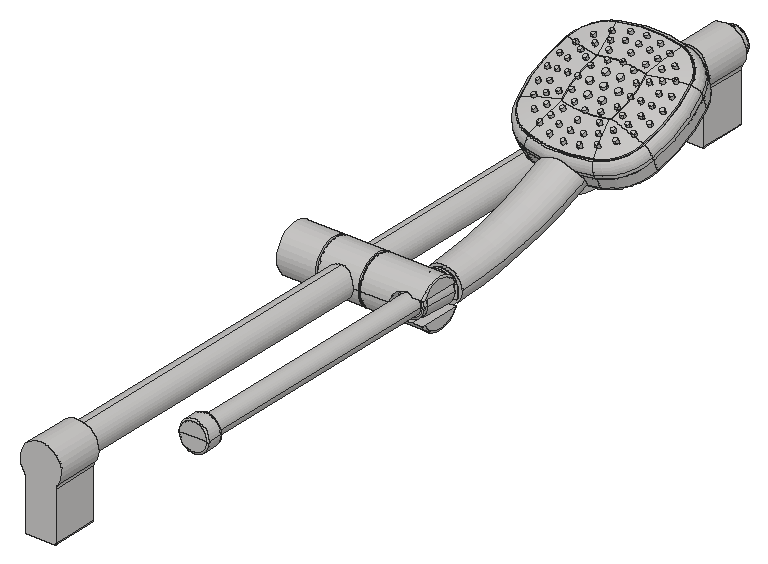
Revit family "Grohe_ShowerSet_27579003", category Plumbing Fixtures, host Face, Revit 2020
Family settings
  Host = Face
  Round Connector Dimension = Use Diameter
  Part Type = Normal
  OmniClass Number = 23.45.05.00
  OmniClass Title = Sanitary Equipment
  Cut with Voids When Loaded = No
  Shared = No
  Room Calculation Point = No
Parameters (values of type "Shower Set (27579003)")
  _ObjectUserGuide = "https://www.bimstore.co/products/grohe-27579003/document/object-user-guide"
  _DistributedBy = "https://www.bimstore.co/"
  _CurrentRevision = 1
  _CreatedBy = "https://www.bimstore.co/"
  _BimSpecGuid = 0
  _BSBibleVersion = 17
  _AuthorizedBy = "bimstore"
  _Author = "RL 168"
  WarrantyStartDate [instance] = "Please Record on Commissioning"
  WarrantyGuarantorParts = "info-uk@grohe.com"
  WarrantyGuarantorLabor = "info-uk@grohe.com"
  WarrantyDurationUnit = "Years"
  WarrantyDurationParts = "0"
  WarrantyDurationLabor = "0"
  WarrantyDescription = "n/a"
  URL = "https://www.grohe.co.uk/en_gb/-27579003.html"
  TypeName = "Shower Set"
  Type Comments = "Shower Set"
  TPIDocumentLink = "https://cdn.cloud.grohe.com/tpi/2000/2200/2200/2208/2208139/original/2208139.pdf"
  SustainabilityReport = "green.grohe.com/reporting"
  SustainabilityAward = "green.grohe.com/awards"
  SpareParts = "info-uk@grohe.com"
  Size = "n/a"
  Shape = "n/a"
  SerialNumber [instance] = "Please Record on Commissioning"
  ReplacementCost = "n/a"
  ReferencedStandard = "n/a"
  ProductionYear = "2138"
  ProductType = "Shower Set"
  ProductShortText = "n/a"
  ProductNumber = "27579003"
  ProductDescription = "n/a"
  PrimaryMaterial = Grohe_Chrome
  PQDiagramLink = "n/a"
  NominalLength = 0 mm
  NominalHeight = 0 mm
  NominalDepth = 0 mm
  NBSReference = "45-35-70/330"
  NBSOfficeMasterTag = "n/a"
  NBSObjectName = "Grohe - Shower fittings package"
  NBSNote = "n/a"
  NBSDescription = "Shower fittings package"
  ModelReference = "Shower Set"
  ModelNumber = "27579003"
  Model = "Shower Set"
  Material = "n/a"
  ManufacturerName = "Grohe"
  Manufacturer = "Grohe"
  Keynote = "N128"
  InstallationVideo = "n/a"
  InstallationDate [instance] = "Please Record on Commissioning"
  IfcExportType = "IfcPipeFittingType"
  IfcExportAs = "IfcPipeFitting"
  Grade = "n/a"
  GROHESustainability = "green.grohe.com"
  GROHESocialCommittment = "green.grohe.com/social_engagement"
  FullRecyclabilityOfPlastic = "All plastic components are fully recycable"
  Finish = "n/a"
  Features = "n/a"
  ExpectedLife = 0
  Ecojoy = no
  EF025094 = "0"
  EF025080 = "FALSE"
  EF024050 = "false"
  EF023686 = "not applicable"
  EF023440 = "false"
  EF022377 = "false"
  EF022224 = "true"
  EF022042 = "None"
  EF021042 = "false"
  EF021041 = "110"
  EF021040 = "2"
  EF021039 = "true"
  EF021038 = "5.00"
  EF015313 = "not applicable"
  EF002671 = "Chrome"
  EF002616 = "false"
  EF002169 = "Plastic"
  EF001707 = "70 °C"
  EF000653 = "true"
  DurationUnit = "Years"
  DocumentationTechnical = "https://www.bimstore.co/products/grohe-27579003/document/technical-data-sheet"
  DocumentationMaintenance = "https://www.bimstore.co/products/grohe-27579003/document/maintenance-information"
  DocumentationLiterature = "https://www.bimstore.co/products/grohe-27579003/document/product-literature"
  DocumentationInstallationGuide = "https://www.bimstore.co/products/grohe-27579003/document/installation-guide"
  DocumentationCertificates = "https://www.bimstore.co/products/grohe-27579003/document/product-certificates"
  DimensionsDocumentLink = "https://cdn.cloud.grohe.com/dimdraw/100000/100000/100000/100300/100320/100322/100322112/1280/100322112.jpg"
  Description = "Shower Set"
  Default Elevation = 0 mm
  CreatedOn = "2023-09-01T:09:00:00"
  CreatedBy = "info-uk@grohe.com"
  CradleToCradleCertification = "n/a"
  Cost = 0
  Constituents = "n/a"
  Color = "Chrome"
  CodePerformance = "n/a"
  ClassificationValue = "Pr_40_20_87_75"
  ClassificationName = "Uniclass2015"
  CO2NeutralProduction = "GROHE is one of the first leading manufacturer within the sanitary industry having a CO2-neutral production."
  BarCode [instance] = "Please Record on Commissioning"
  BIMObjectName = "Grohe_ShowerSet_27579003"
  AssetType = "Fixed"
  AssetIdentifier [instance] = "n/a"
  Assembly Code = "D2125"
  AccessibilityPerformance = "n/a"
Reference planes
  plane 1 "Center (Front/Back)": y = 0
  plane 2: z = 0
  plane 3 "Center (Left/Right)": x = 0
Forms (mm)
  Extrusion 1, solid, material "Grohe_Chrome" <- "PrimaryMaterial"
    sketch origin (0, 617.599, 0) x (1, 0, 0) y (0, 0, 1)
      loop
        arc (-11.7, 1) -> (-11.407, 0.293) -> (-10.7, 0) r 1
        line (-10.7, 0) -> (10.7, 0)
        arc (10.7, 0) -> (11.407, 0.293) -> (11.7, 1) r 1
        line (11.7, 1) -> (11.7, 38.458)
        arc (11.7, 38.458) -> (11.913, 39.745) -> (12.528, 40.895) r 4
        arc (12.528, 40.895) -> (0, 66.322) -> (-12.528, 40.895) r 15.8
        arc (-12.528, 40.895) -> (-11.913, 39.745) -> (-11.7, 38.458) r 4
        line (-11.7, 38.458) -> (-11.7, 1)
    from 763.049 to 798.049
  Extrusion 2, solid, material "Grohe_Chrome" <- "PrimaryMaterial"
    sketch origin (0, 0, 0) x (1, 0, 0) y (0, 0, 1)
      loop
        arc (-11.7, 1) -> (-11.407, 0.293) -> (-10.7, 0) r 1
        line (-10.7, 0) -> (10.7, 0)
        arc (10.7, 0) -> (11.407, 0.293) -> (11.7, 1) r 1
        line (11.7, 1) -> (11.7, 38.458)
        arc (11.7, 38.458) -> (11.913, 39.745) -> (12.528, 40.895) r 4
        arc (12.528, 40.895) -> (0, 66.322) -> (-12.528, 40.895) r 15.8
        arc (-12.528, 40.895) -> (-11.913, 39.745) -> (-11.7, 38.458) r 4
        line (-11.7, 38.458) -> (-11.7, 1)
    from -436.451 to -471.451
  Revolve 3, solid, material "Grohe_Chrome" <- "PrimaryMaterial"
    sketch origin (0, 149.942, 0) x (0, 1, 0) y (0, 0, 1)
      loop
        arc (330.558, 50.5) -> (330.419, 55.736) -> (330.005, 60.958) r 99.247
        arc (330.005, 60.958) -> (329.81, 61.341) -> (329.408, 61.495) r 0.6
        line (329.408, 61.495) -> (-295.393, 61.495) -> (-295.393, 50.5) -> (330.558, 50.5)
      axis (330.558, 50.5) -> (-295.393, 50.5)
    angle from 0 to 360
  Extrusion 4, void
    sketch origin (-6.641, 12.662, 0) x (1, 0, 0) y (0, 0, 1)
      loop
        line (61.745, 41.896) -> (73.272, 41.896) -> (73.272, 59.104) -> (61.745, 59.104)
        arc (61.745, 59.104) -> (45.783, 50.5) -> (61.745, 41.896) r 10.3
    from -125 to -80
  Extrusion 5, solid, material "Grohe_Chrome" <- "PrimaryMaterial"
    sketch origin (49.359, 250.892, 80.981) x (0, -0.906308, -0.422618) y (-1, 0, 0)
      loop
        circle (-54.865, 0) r 2.2
      loop
        circle (-54.865, 11) r 2.2
      loop
        circle (-54.865, 20) r 1.5
      loop
        circle (-54.865, 28) r 1.5
      loop
        circle (-64.183, 34.773) r 1.5
      loop
        circle (-66.254, 42.501) r 1.5
      loop
        circle (-54.865, -11) r 2.2
      loop
        circle (-54.865, -20) r 1.5
      loop
        circle (-54.865, -28) r 1.5
      loop
        circle (-45.548, -34.773) r 1.5
      loop
        circle (-43.477, -42.501) r 1.5
      loop
        circle (-64.392, 5.5) r 2.2
      loop
        circle (-72.186, 10) r 1.5
      loop
        circle (-79.114, 14) r 1.5
      loop
        circle (-89.639, 9.317) r 1.5
      loop
        circle (-97.366, 11.388) r 1.5
      loop
        circle (-45.339, -5.5) r 2.2
      loop
        circle (-37.545, -10) r 1.5
      loop
        circle (-30.617, -14) r 1.5
      loop
        circle (-20.092, -9.317) r 1.5
      loop
        circle (-12.365, -11.388) r 1.5
      loop
        circle (-64.392, -5.5) r 2.2
      loop
        circle (-72.186, -10) r 1.5
      loop
        circle (-79.114, -14) r 1.5
      loop
        circle (-80.321, -25.456) r 1.5
      loop
        circle (-85.978, -31.113) r 1.5
      loop
        circle (-45.339, 5.5) r 2.2
      loop
        circle (-37.545, 10) r 1.5
      loop
        circle (-30.617, 14) r 1.5
      loop
        circle (-29.41, 25.456) r 1.5
      loop
        circle (-23.753, 31.113) r 1.5
      loop
        circle (-74.865, 0) r 1.5
      loop
        circle (-82.865, 0) r 1.5
      loop
        circle (-89.639, -9.317) r 1.5
      loop
        circle (-97.366, -11.388) r 1.5
      loop
        circle (-34.865, 0) r 1.5
      loop
        circle (-26.865, 0) r 1.5
      loop
        circle (-20.092, 9.317) r 1.5
      loop
        circle (-12.365, 11.388) r 1.5
      loop
        circle (-64.865, -17.321) r 1.5
      loop
        circle (-68.865, -24.249) r 1.5
      loop
        circle (-64.183, -34.773) r 1.5
      loop
        circle (-66.254, -42.501) r 1.5
      loop
        circle (-44.865, 17.321) r 1.5
      loop
        circle (-40.865, 24.249) r 1.5
      loop
        circle (-45.548, 34.773) r 1.5
      loop
        circle (-43.477, 42.501) r 1.5
      loop
        circle (-64.865, 17.321) r 1.5
      loop
        circle (-68.865, 24.249) r 1.5
      loop
        circle (-80.321, 25.456) r 1.5
      loop
        circle (-85.978, 31.113) r 1.5
      loop
        circle (-44.865, -17.321) r 1.5
      loop
        circle (-40.865, -24.249) r 1.5
      loop
        circle (-29.41, -25.456) r 1.5
      loop
        circle (-23.753, -31.113) r 1.5
      loop
        circle (-54.865, 36) r 1.5
      loop
        circle (-54.865, 44) r 1.5
      loop
        circle (-54.865, -36) r 1.5
      loop
        circle (-54.865, -44) r 1.5
      loop
        circle (-86.042, 18) r 1.5
      loop
        circle (-92.971, 22) r 1.5
      loop
        circle (-23.689, -18) r 1.5
      loop
        circle (-16.76, -22) r 1.5
      loop
        circle (-86.042, -18) r 1.5
      loop
        circle (-92.971, -22) r 1.5
      loop
        circle (-23.689, 18) r 1.5
      loop
        circle (-16.76, 22) r 1.5
      loop
        circle (-90.865, 0) r 1.5
      loop
        circle (-98.865, 0) r 1.5
      loop
        circle (-18.865, 0) r 1.5
      loop
        circle (-10.865, 0) r 1.5
      loop
        circle (-72.865, -31.177) r 1.5
      loop
        circle (-76.865, -38.105) r 1.5
      loop
        circle (-36.865, 31.177) r 1.5
      loop
        circle (-32.865, 38.105) r 1.5
      loop
        circle (-72.865, 31.177) r 1.5
      loop
        circle (-76.865, 38.105) r 1.5
      loop
        circle (-36.865, -31.177) r 1.5
      loop
        circle (-32.865, -38.105) r 1.5
    from -20 to 0
  Revolve 6, solid, material "Grohe_Chrome" <- "PrimaryMaterial"
    sketch origin (49.359, 130.936, 50.749) x (0, 0, -1) y (0, 1, 0)
      loop
        arc (-9.533, 129.314) -> (-11.755, 136.378) -> (-14.588, 143.22) r 84.481
        line (-14.588, 143.22) -> (-22.947, 139.322) -> (-16.718, 125.963) -> (-9.533, 129.314)
      axis (-22.947, 139.322) -> (-14.588, 143.22)
    angle from 0 to 360
  Extrusion 7, solid, material "Grohe_Chrome" <- "PrimaryMaterial"
    sketch origin (49.359, 247.735, 86.715) x (0, -0.906308, -0.422618) y (-1, 0, 0)
      loop
        line (-8.899, -2.114) -> (-3.869, -2.114)
        arc (-3.869, -2.114) -> (-1.755, 0) -> (-3.869, 2.114) r 2.114
        line (-3.869, 2.114) -> (-8.899, 2.114)
        arc (-8.899, 2.114) -> (-11.013, 0) -> (-8.899, -2.114) r 2.114
    from 21.318 to 32.784
  Revolve 8, solid, material "Grohe_Chrome" <- "PrimaryMaterial"
    sketch origin (49.359, 117.08, 50.5) x (0, 1, 0) y (-1, 0, 0)
      loop
        line (-214.042, 0) -> (28.235, 0) -> (28.271, 9.11) -> (23.48, 9.11) -> (23.48, 10.691)
        arc (23.48, 10.691) -> (23.297, 11.123) -> (22.86, 11.291) r 0.6
        line (22.86, 11.291) -> (20.546, 11.214) -> (19.98, 11.78) -> (-3.501, 10.492) -> (-4.101, 9.948) -> (-6.52, 9.948)
        arc (-6.52, 9.948) -> (-7.086, 9.713) -> (-7.32, 9.148) r 0.8
        line (-7.32, 9.148) -> (-7.32, 7.5) -> (-201.542, 7.5) -> (-201.542, 10.5)
        arc (-201.542, 10.5) -> (-201.835, 11.207) -> (-202.542, 11.5) r 1
        line (-202.542, 11.5) -> (-213.042, 11.5)
        arc (-213.042, 11.5) -> (-213.75, 11.207) -> (-214.042, 10.5) r 1
        line (-214.042, 10.5) -> (-214.042, 0)
      axis (-214.042, 0) -> (28.271, 0)
    angle from 0 to 360
  Sweep 9, solid, material "Grohe_Chrome" <- "PrimaryMaterial"
    path origin (49.359, 247.296, 86.467) x (0, -0.906308, -0.422618) y (-1, 0, 0)
      loop
        arc (-107.343, 26.011) -> (-110.42, 0) -> (-107.343, -26.011) r 111.472
        arc (-107.343, -26.011) -> (-98.058, -42.593) -> (-81.476, -51.878) r 35
        arc (-81.476, -51.878) -> (-55.465, -54.955) -> (-29.455, -51.878) r 111.472
        arc (-29.455, -51.878) -> (-12.873, -42.593) -> (-3.588, -26.011) r 35
        arc (-3.588, -26.011) -> (-0.511, 0) -> (-3.588, 26.011) r 111.472
        arc (-3.588, 26.011) -> (-12.873, 42.593) -> (-29.455, 51.878) r 35
        arc (-29.455, 51.878) -> (-55.465, 54.955) -> (-81.476, 51.878) r 111.472
        arc (-81.476, 51.878) -> (-98.058, 42.593) -> (-107.343, 26.011) r 35
    profile origin (49.359, 347.371, 133.132) x (0, -0.906308, -0.422618) y (0, 0.422618, -0.906308)
      loop
        line (34, 1.691) -> (34, 25.744)
        arc (34, 25.744) -> (17.527, 23.821) -> (1.94, 18.154) r 71.503
        arc (1.94, 18.154) -> (1.231, 17.559) -> (0.866, 16.709) r 2
        arc (0.866, 16.709) -> (0.217, 11.719) -> (0, 6.691) r 58.37
        line (0, 6.691) -> (0, 3.691)
        arc (0, 3.691) -> (0.054, 2.685) -> (0.214, 1.691) r 9.474
        line (0.214, 1.691) -> (34, 1.691)
  Extrusion 10, solid, material "Grohe_Chrome" <- "PrimaryMaterial"
    sketch origin (49.359, 247.296, 86.467) x (0, -0.906308, -0.422618) y (-1, 0, 0)
      loop
        arc (-37.388, 18.816) -> (-55.465, 20.955) -> (-73.543, 18.816) r 77.472
        arc (-73.543, 18.816) -> (-74.017, 18.551) -> (-74.282, 18.077) r 1
        arc (-74.282, 18.077) -> (-76.42, 0) -> (-74.282, -18.077) r 77.472
        arc (-74.282, -18.077) -> (-74.017, -18.551) -> (-73.543, -18.816) r 1
        arc (-73.543, -18.816) -> (-55.465, -20.955) -> (-37.388, -18.816) r 77.472
        arc (-37.388, -18.816) -> (-36.914, -18.551) -> (-36.649, -18.077) r 1
        arc (-36.649, -18.077) -> (-34.511, 0) -> (-36.649, 18.077) r 77.472
        arc (-36.649, 18.077) -> (-36.914, 18.551) -> (-37.388, 18.816) r 1
    from 1.691 to 25.744
  Sweep 11, solid, material "Grohe_Chrome" <- "PrimaryMaterial"
    path origin (49.359, 247.296, 86.467) x (0, -0.906308, -0.422618) y (-1, 0, 0)
      loop
        arc (-107.343, 26.011) -> (-110.42, 0) -> (-107.343, -26.011) r 111.472
        arc (-107.343, -26.011) -> (-98.058, -42.593) -> (-81.476, -51.878) r 35
        arc (-81.476, -51.878) -> (-55.465, -54.955) -> (-29.455, -51.878) r 111.472
        arc (-29.455, -51.878) -> (-12.873, -42.593) -> (-3.588, -26.011) r 35
        arc (-3.588, -26.011) -> (-0.511, 0) -> (-3.588, 26.011) r 111.472
        arc (-3.588, 26.011) -> (-12.873, 42.593) -> (-29.455, 51.878) r 35
        arc (-29.455, 51.878) -> (-55.465, 54.955) -> (-81.476, 51.878) r 111.472
        arc (-81.476, 51.878) -> (-98.058, 42.593) -> (-107.343, 26.011) r 35
    profile origin (49.359, 347.371, 133.132) x (0, -0.906308, -0.422618) y (0, 0.422618, -0.906308)
      loop
        arc (0, 3.691) -> (1.19, -0.907) -> (4.462, -4.349) r 9.474
        line (4.462, -4.349) -> (5.462, -4.349) -> (5.462, -5.149)
        arc (5.462, -5.149) -> (19.638, -7.589) -> (34, -8.406) r 126.653
        line (34, -8.406) -> (34, 6.491) -> (0, 6.491) -> (0, 3.691)
  Extrusion 12, solid, material "Grohe_Chrome" <- "PrimaryMaterial"
    sketch origin (49.359, 247.296, 86.467) x (0, -0.906308, -0.422618) y (-1, 0, 0)
      loop
        arc (-37.388, 18.816) -> (-55.465, 20.955) -> (-73.543, 18.816) r 77.472
        arc (-73.543, 18.816) -> (-74.017, 18.551) -> (-74.282, 18.077) r 1
        arc (-74.282, 18.077) -> (-76.42, 0) -> (-74.282, -18.077) r 77.472
        arc (-74.282, -18.077) -> (-74.017, -18.551) -> (-73.543, -18.816) r 1
        arc (-73.543, -18.816) -> (-55.465, -20.955) -> (-37.388, -18.816) r 77.472
        arc (-37.388, -18.816) -> (-36.914, -18.551) -> (-36.649, -18.077) r 1
        arc (-36.649, -18.077) -> (-34.511, 0) -> (-36.649, 18.077) r 77.472
        arc (-36.649, 18.077) -> (-36.914, 18.551) -> (-37.388, 18.816) r 1
    from -8.406 to 1.691
  Extrusion 13, void
    sketch origin (49.359, 130.497, 50.5) x (0, 0, -1) y (0, 1, 0)
      loop
        line (-74.538, 214.875) -> (-77.964, 222.221) -> (-82.314, 220.192) -> (-78.889, 212.847) -> (-74.538, 214.875)
    from -60 to 60
  Extrusion 14, void
    sketch origin (49.359, 130.497, 50.5) x (0, 0, -1) y (0, 1, 0)
      loop
        line (-74.538, 214.875) -> (-78.889, 212.847) -> (-34.106, 116.809) -> (-29.755, 118.837) -> (-74.538, 214.875)
    from -60 to 60
  Sweep 15, void
    path origin (49.359, 247.296, 86.467) x (0, -0.906308, -0.422618) y (-1, 0, 0)
      loop
        arc (-107.343, 26.011) -> (-110.42, 0) -> (-107.343, -26.011) r 111.472
        arc (-107.343, -26.011) -> (-98.058, -42.593) -> (-81.476, -51.878) r 35
        arc (-81.476, -51.878) -> (-55.465, -54.955) -> (-29.455, -51.878) r 111.472
        arc (-29.455, -51.878) -> (-12.873, -42.593) -> (-3.588, -26.011) r 35
        arc (-3.588, -26.011) -> (-0.511, 0) -> (-3.588, 26.011) r 111.472
        arc (-3.588, 26.011) -> (-12.873, 42.593) -> (-29.455, 51.878) r 35
        arc (-29.455, 51.878) -> (-55.465, 54.955) -> (-81.476, 51.878) r 111.472
        arc (-81.476, 51.878) -> (-98.058, 42.593) -> (-107.343, 26.011) r 35
    profile origin (49.359, 347.371, 133.132) x (0, -0.906308, -0.422618) y (0, 0.422618, -0.906308)
      loop
        line (3.533, -13.509) -> (34, -13.509) -> (34, -9.806)
        arc (34, -9.806) -> (18.656, -8.883) -> (3.533, -6.129) r 128.053
        line (3.533, -6.129) -> (3.533, -13.509)
  Extrusion 16, void
    sketch origin (49.359, 247.296, 86.467) x (0, -0.906308, -0.422618) y (-1, 0, 0)
      loop
        arc (-37.388, 18.816) -> (-55.465, 20.955) -> (-73.543, 18.816) r 77.472
        arc (-73.543, 18.816) -> (-74.017, 18.551) -> (-74.282, 18.077) r 1
        arc (-74.282, 18.077) -> (-76.42, 0) -> (-74.282, -18.077) r 77.472
        arc (-74.282, -18.077) -> (-74.017, -18.551) -> (-73.543, -18.816) r 1
        arc (-73.543, -18.816) -> (-55.465, -20.955) -> (-37.388, -18.816) r 77.472
        arc (-37.388, -18.816) -> (-36.914, -18.551) -> (-36.649, -18.077) r 1
        arc (-36.649, -18.077) -> (-34.511, 0) -> (-36.649, 18.077) r 77.472
        arc (-36.649, 18.077) -> (-36.914, 18.551) -> (-37.388, 18.816) r 1
    from -13.509 to -9.806
  SweptBlend 17, solid, material "Grohe_Chrome" <- "PrimaryMaterial"
    path origin (49.359, 130.497, 50.5) x (0, 0, -1) y (0, 1, 0)
      loop
        arc (-29.066, 160.489) -> (1.13, 88.717) -> (13.967, 11.918) r 335.48
    profile origin (49.359, 290.986, 79.566) x (0, 0.492146, -0.870513) y (1, 0, 0)
      loop
        spline (-13.5, -18) -> (-10.006, -17.387) -> (-6.75, -15.588) -> (-3.954, -12.728) -> (-1.809, -9) -> (-0.46, -4.659) -> (0, 0) -> (-0.46, 4.659) -> (-1.809, 9) -> (-3.954, 12.728) -> (-6.75, 15.588) -> (-10.006, 17.387) -> (-13.5, 18)
        spline (-13.5, 18) -> (-16.994, 17.387) -> (-20.25, 15.588) -> (-23.046, 12.728) -> (-25.191, 9) -> (-26.54, 4.659) -> (-27, 0) -> (-26.54, -4.659) -> (-25.191, -9) -> (-23.046, -12.728) -> (-20.25, -15.588) -> (-16.994, -17.387) -> (-13.5, -18)
    end profile origin (49.359, 142.415, 36.533) x (0, 0.049284, -0.998785) y (1, 0, 0)
      loop
        spline (-13.5, 14) -> (-16.994, 13.523) -> (-20.25, 12.124) -> (-23.046, 9.899) -> (-25.191, 7) -> (-26.54, 3.623) -> (-27, 0) -> (-26.54, -3.623) -> (-25.191, -7) -> (-23.046, -9.899) -> (-20.25, -12.124) -> (-16.994, -13.523) -> (-13.5, -14)
        spline (-13.5, -14) -> (-10.006, -13.523) -> (-6.75, -12.124) -> (-3.954, -9.899) -> (-1.809, -7) -> (-0.46, -3.623) -> (0, 0) -> (-0.46, 3.623) -> (-1.809, 7) -> (-3.954, 9.899) -> (-6.75, 12.124) -> (-10.006, 13.523) -> (-13.5, 14)
  Revolve 18, solid, material "Grohe_Chrome" <- "PrimaryMaterial"
    sketch origin (0, 109.76, 50.5) x (0, 1, 0) y (-1, 0, 0)
      loop
        line (28.175, -16.85) -> (27.275, -16.85) -> (27.275, -16) -> (28.175, -16)
        arc (28.175, -16) -> (28.529, -15.854) -> (28.675, -15.5) r 0.5
        line (28.675, -15.5) -> (28.675, 15.5)
        arc (28.675, 15.5) -> (28.529, 15.854) -> (28.175, 16) r 0.5
        line (28.175, 16) -> (27.275, 16) -> (27.275, 17.23) -> (10.691, 17.23) -> (10.691, -63.35) -> (27.675, -63.35)
        arc (27.675, -63.35) -> (28.383, -63.057) -> (28.675, -62.35) r 1
        line (28.675, -62.35) -> (28.675, -17.35)
        arc (28.675, -17.35) -> (28.529, -16.996) -> (28.175, -16.85) r 0.5
      axis (10.691, 17.23) -> (10.691, -63.35)
    angle from 0 to 360
  Extrusion 19, solid, material "Grohe_Chrome" <- "PrimaryMaterial"
    sketch origin (0, 0, 0) x (0, 1, 0) y (0, 0, 1)
      loop
        line (143.443, 49.925) -> (143.443, 51.075)
        arc (143.443, 51.075) -> (143.429, 51.654) -> (143.385, 52.231) r 11.404
        arc (143.385, 52.231) -> (143.092, 52.842) -> (142.477, 53.126) r 1
        line (142.477, 53.126) -> (139.676, 53.371)
        arc (139.676, 53.371) -> (138.552, 53.841) -> (137.91, 54.877) r 2
        arc (137.91, 54.877) -> (102.451, 50.5) -> (137.91, 46.123) r 18
        arc (137.91, 46.123) -> (138.552, 47.159) -> (139.676, 47.629) r 2
        line (139.676, 47.629) -> (142.477, 47.874)
        arc (142.477, 47.874) -> (143.092, 48.158) -> (143.385, 48.769) r 1
        arc (143.385, 48.769) -> (143.429, 49.346) -> (143.443, 49.925) r 11.404
    from -46.588 to -17.23
Cuts and joins
  Extrusion 4 cuts Revolve 18
  joined: Extrusion 1, Extrusion 2, Revolve 3, Revolve 18
  Sweep 15, Extrusion 16 cuts Extrusion 5
  Extrusion 13, Extrusion 14 cuts Sweep 9
Dimensions and locks
  aligned and locked: plane 2 to host face
  aligned and locked: level to host face
